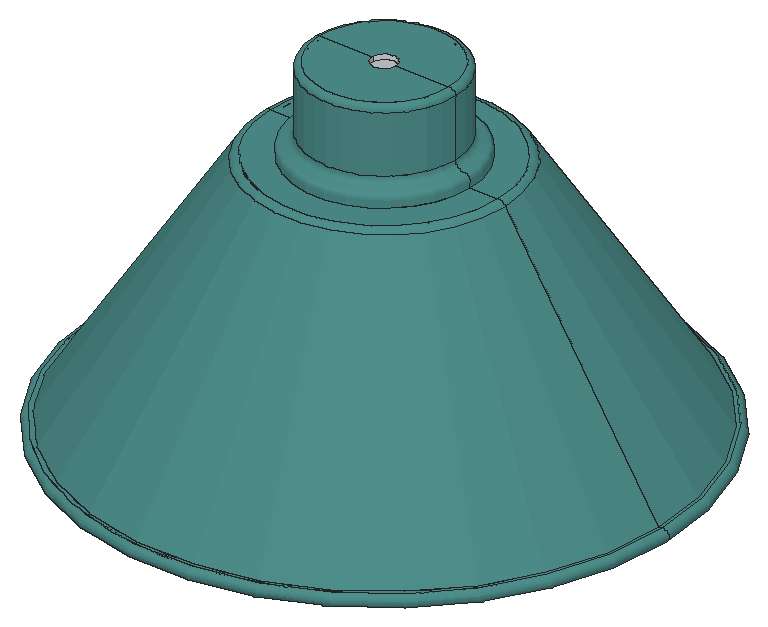
Revit family "CS12 SHADE", category Lighting Fixtures, Revit 2024
Family settings
  Round Connector Dimension = Use Diameter
  Part Type = Normal
  OmniClass Number = 23.80.70.00
  OmniClass Title = Lighting
  Work Plane-Based = No
  Always vertical = Yes
  Cut with Voids When Loaded = No
  Light Source = Yes
  Maintain Annotation Orientation = No
  Shared = No
  Room Calculation Point = No
Parameters
  Wattage = 12.1178 W
  built-in parameter 1150110 = 1 (stored number, unit not read)
  built-in parameter 1114217 = 1 (stored number, unit not read)
  built-in parameter 1150109 = 1 (stored number, unit not read)
  built-in parameter 1150134 = (empty or 0)
  built-in parameter 1150113 = 1 (stored number, unit not read)
  Lumens = 1800 lm
  built-in parameter 1150115 = 1 (stored number, unit not read)
  built-in parameter 1150105 = 572.96 (stored number, unit not read)
  Light Source Symbol Size = 2' - 0"
  built-in parameter 1150137 = (empty or 0)
  built-in parameter 1150139 = (empty or 0)
  built-in parameter 1150112 = 1 (stored number, unit not read)
  built-in parameter 1150114 = 1 (stored number, unit not read)
  built-in parameter 1150132 = 2
  built-in parameter 1150102 = (empty or 0)
  built-in parameter 1150138 = (empty or 0)
  built-in parameter 1150107 = 3000 (stored number, unit not read)
  built-in parameter 1150106 = 5.7296 (stored number, unit not read)
  built-in parameter 1150104 = 13.8 (stored number, unit not read)
  Dimming Lamp Color Temperature Shift = (empty or 0)
  Default Elevation = 0' - 0"
  Color Filter = 16777215
  built-in parameter 1114218 = 1 (stored number, unit not read)
  built-in parameter 1150133 = 10 (stored number, unit not read)
Reference planes (in)
  plane 1 "Light Source Axis (F/B)": y = 0
  plane 2: z = 0
  plane 3 "Light Source Axis (L/R)": x = 0
  plane 4 "Light Source Elevation": z = 84
Forms (in)
  Revolve 1, solid, not visible
    sketch origin (0, 0, 0) x (1, 0, 0) y (0, 0, 1)
      loop
        line (-2.99192, 88.09279) -> (-2.89556, 88.09279) -> (-2.89556, 88.38477) -> (-2.99192, 88.38477) -> (-2.99192, 88.09279)
      axis (-2.89556, 88.09279) -> (-2.99192, 88.09279)
    angle from 0 to 360
  Sweep 2, solid, not visible
    path origin (0, 0, 0) x (1, 0, 0) y (0, 0, 1)
      loop
        arc (-2.97158, 88.08519) -> (-3.96217, 87.55604) -> (-4.35786, 86.505) r 1.59375
        line (-4.35786, 86.505) -> (-4.35786, 85.3018)
    profile origin (-3.96217, 0, 87.55604) x (0.751723, 0, -0.659479) y (0, -1, 0)
      loop
        circle (0, 0) r 0.15625
  Revolve 3, solid, not visible
    sketch origin (0, 0, 0) x (1, 0, 0) y (0, 0, 1)
      loop
        line (-4.84702, 85.01395) -> (-4.61007, 85.21882) -> (-4.67548, 85.29447) -> (-5.07238, 85.7535)
        arc (-5.07238, 85.7535) -> (-5.11657, 85.32649) -> (-4.68956, 85.2823) r 0.30356
        line (-4.68956, 85.2823) -> (-4.91791, 85.08485) -> (-4.84702, 85.01395)
      axis (-4.61007, 85.21882) -> (-5.07238, 85.7535)
    angle from 0 to 360
  Revolve 4, solid
    sketch origin (0, 0, 0) x (1, 0, 0) y (0, 0, 1)
      loop
        line (-5.752, 84.14725) -> (-2.4781, 89.10852)
        arc (-2.4781, 89.10852) -> (-2.44357, 89.14142) -> (-2.39812, 89.15589) r 0.10625
        line (-2.39812, 89.15589) -> (-1.71661, 89.15589) -> (-1.40461, 89.67943) -> (-1.40461, 90.87209)
        arc (-1.40461, 90.87209) -> (-1.39461, 90.89624) -> (-1.37045, 90.90625) r 0.03416
        line (-1.37045, 90.90625) -> (-0.25, 90.90625) -> (-0.25, 91) -> (-1.37045, 91)
        arc (-1.37045, 91) -> (-1.4609, 90.96254) -> (-1.49836, 90.87209) r 0.12791
        line (-1.49836, 90.87209) -> (-1.49836, 89.67943)
        spline (-1.49836, 89.67943) -> (-1.50644, 89.61752) -> (-1.52915, 89.57152) -> (-1.56081, 89.54096) -> (-1.59697, 89.52255) -> (-1.64035, 89.50873) -> (-1.68811, 89.49499) -> (-1.72932, 89.48149) -> (-1.76196, 89.4642) -> (-1.78764, 89.43776) -> (-1.80323, 89.4003) -> (-1.80945, 89.34902) -> (-1.81035, 89.24964)
        line (-1.81035, 89.24964) -> (-2.40136, 89.24964)
        arc (-2.40136, 89.24964) -> (-2.48942, 89.22321) -> (-2.55635, 89.16016) r 0.2
        line (-2.55635, 89.16016) -> (-5.79651, 84.25) -> (-5.875, 84.25)
        arc (-5.875, 84.25) -> (-5.95514, 84.02907) -> (-5.752, 84.14725) r 0.125
      axis (0, 91) -> (0, 84.14725)
    angle from 0 to 360
Dimensions and locks (in)
  aligned and locked: plane 3 "Light Source Axis (L/R)" to imposter light
  aligned and locked: plane 1 "Light Source Axis (F/B)" to imposter light
  aligned and locked: plane 4 "Light Source Elevation" to imposter light
  aligned and locked: level to plane 2
